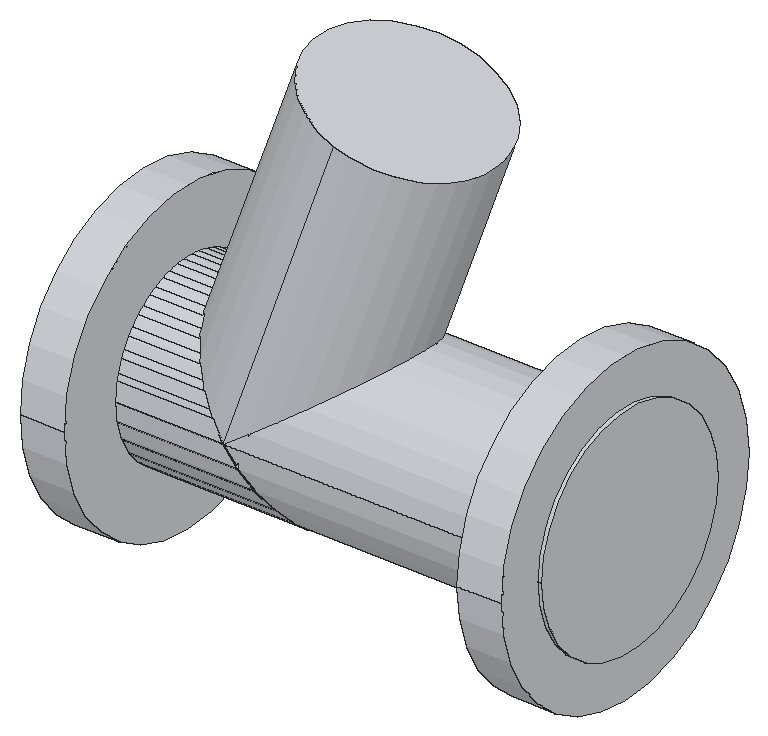
Revit family "447-DN100-RFA_2018", category Pipe Accessories, Revit 2018
Family settings
  Round Connector Dimension = Use Diameter
  Part Type = Valve - Breaks Into
  Work Plane-Based = No
  Always vertical = Yes
  Cut with Voids When Loaded = No
  Shared = No
Parameters (values of type "447-DN100")
  magiProductId = "98b46d48787042dd9a812fc0797c69"
  magiProductFamilyId = "b72cb932c1b3471491e3d369876ba1"
  magiPartTypeId = 304
  isMeasuringValve [instance] = no
  ang2D [instance] = 0.00°
  X2 = 79.261 mm
  X1 = 49 mm
  W2D = 100 mm
  VersionID = "2.0/2017.9.26.1/ZETKAMA_447_001"
  Use Minimum Symbol Size [instance] = yes
  URL = "http://www.hydronix.cz"
  Type Comments = "přírubový; PN16; -10~+120°C"
  S = 156 mm
  QmdConnectorList = "301;D;302;D"
  Productdata [instance] = ""
  Manufacturer = "Hydronix"
  MC Product Code = "447 100 (DN100; PN16 kvs184,7)"
  MC Piping Given Pressure Drop [instance] = 0.0 Pa
  LM1 = 28 mm
  LM = 280 mm
  L2D_Min = 3048 mm
  L2D = 350 mm
  L2 = 175 mm
  HH1 = 217.769 mm
  FD = 220 mm
  Description = "Ruční vyvažovací ventil přírubový; DN100; PN16; kvs184,7"
  DT = 130 mm
  D = 100 mm
  CC = 3.5 mm
  CAT0 = yes
  C1 = 31.5 mm
  C = 35 mm
Types (10, lengths in mm): name | magiProductId | X2 | X1 | S | MC Product Code | LM1 | LM | L2 | HH1 | FD | Description | DT | D | CC | C1 | C
  447-DN100 | "98b46d48787042dd9a812fc0797c69" | 79.261 | 49 | 156 | "447 100 (DN100; PN16 kvs184,7)" | 28 | 280 | 175 | 217.769 | 220 | "Ruční vyvažovací ventil přírubový; DN100; PN16; kvs184,7" | 130 | 100 | 3.5 | 31.5 | 35
  447-DN125 | "02b47ccb17f74d08923d86f3fe118e" | 86.541 | 56 | 184 | "447 125 (DN125; PN16 kvs285,1)" | 32 | 320 | 200 | 237.769 | 250 | "Ruční vyvažovací ventil přírubový; DN125; PN16; kvs285,1" | 130 | 125 | 4 | 36 | 40
  447-DN150 | "7f7b5672e2b748ca8839732ddacd1d" | 95.64 | 67.2 | 211 | "447 150 (DN150; PN16 kvs390,2)" | 38.4 | 384 | 240 | 262.769 | 285 | "Ruční vyvažovací ventil přírubový; DN150; PN16; kvs390,2" | 130 | 150 | 4.8 | 43.2 | 48
  447-DN200 | "e1019e6fc9b647ceac6d31797e2f53" | 155.411 | 84 | 266 | "447 200 (DN200; PN16 kvs710)" | 48 | 480 | 300 | 426.987 | 340 | "Ruční vyvažovací ventil přírubový; DN200; PN16; kvs710" | 310 | 200 | 6 | 54 | 60
  447-DN250 | "a0eac83e29f84220b7ba68901aa49e" | 171.789 | 102.2 | 319 | "447 250 (DN250; PN16 kvs1188)" | 58.4 | 584 | 365 | 471.987 | 405 | "Ruční vyvažovací ventil přírubový; DN250; PN16; kvs1188" | 310 | 250 | 7.3 | 65.7 | 73
  447-DN300 | "476300b2e87f4f20bd49d272c44436" | 175.429 | 119 | 370 | "447 300 (DN300; PN16 kvs1504)" | 68 | 680 | 425 | 481.987 | 460 | "Ruční vyvažovací ventil přírubový; DN300; PN16; kvs1504" | 310 | 300 | 8.5 | 76.5 | 85
  447-DN040 | "1b02107dafeb4f5588628c478854c2" | 42.71 | 28 | 84 | "447 040 (DN40; PN16 kvs22,36)" | 16 | 160 | 100 | 117.345 | 150 | "Ruční vyvažovací ventil přírubový; DN40; PN16; kvs22,36" | 74 | 40 | 2 | 18 | 20
  447-DN050 | "5ed7087ff739473a8b86e2dbbe5062" | 42.71 | 32.2 | 99 | "447 050 (DN50; PN16 kvs32,15)" | 18.4 | 184 | 115 | 117.345 | 165 | "Ruční vyvažovací ventil přírubový; DN50; PN16; kvs32,15" | 74 | 50 | 2.3 | 20.7 | 23
  447-DN065 | "bd77367604f142d88050bf73c88c7b" | 71.982 | 40.6 | 118 | "447 065 (DN65; PN16 kvs88,8)" | 23.2 | 232 | 145 | 197.769 | 185 | "Ruční vyvažovací ventil přírubový; DN65; PN16; kvs88,8" | 130 | 65 | 2.9 | 26.1 | 29
  447-DN080 | "7399fcf493614c92ad9035a8ac3adf" | 71.982 | 43.4 | 132 | "447 080 (DN80; PN16 kvs113,4)" | 24.8 | 248 | 155 | 197.769 | 200 | "Ruční vyvažovací ventil přírubový; DN80; PN16; kvs113,4" | 130 | 80 | 3.1 | 27.9 | 31
Reference planes
  plane 1 "Center (Front/Back)": y = 0
  plane 2 "XYPLANE": z = 0
  plane 3 "Center (Left/Right)": x = 0
  plane 4 "110": x = 16.261
  plane 5 "109": z = 217.769
  plane 6 "108": x = -63
  plane 7 "107": x = 171.5
  plane 8 "106": x = -171.5
  plane 9 "105": z = 0
  plane 10 "104": y = 0
  plane 11 "103": x = -175
  plane 12 "102": x = 175
  plane 13 "100": x = -140
  plane 14 "99": x = 140
  plane 15 "98": x = -112
Forms (mm)
  Extrusion 1, solid, visible <- "CAT0"
    sketch origin (-140, -750, 0) x (0, 1, 0) y (0, 0, 1)
      loop
        circle (750, 0) r 65
    from 0 to 280 <- "LM"
  Sweep 2, solid, visible <- "CAT0"
    path origin (750, 0, 0) x (-1, 0, 0) y (0, 0, 1)
      loop
        line (890, 0) -> (813, 0) -> (733.739, 217.769)
    profile origin (-140, 0, 0) x (0, 0, -1) y (0, 1, 0)
      loop
        circle (0, 0) r 65
  Extrusion 3, solid
    sketch origin (171.5, -750, 0) x (0, 1, 0) y (0, 0, 1)
      loop
        circle (750, 0) r 78
    from 0 to 3.5 <- "CC"
  Extrusion 4, solid
    sketch origin (140, -750, 0) x (0, 1, 0) y (0, 0, 1)
      loop
        circle (750, 0) r 110
    from 0 to 31.5 <- "C1"
  Extrusion 5, solid
    sketch origin (-171.5, -750, 0) x (0, 1, 0) y (0, 0, 1)
      loop
        circle (750, 0) r 110
    from 0 to 31.5 <- "C1"
  Extrusion 6, solid
    sketch origin (-175, -750, 0) x (0, 1, 0) y (0, 0, 1)
      loop
        circle (750, 0) r 78
    from 0 to 3.5 <- "CC"
  Extrusion 7, solid, not visible
    sketch origin (-175, -750, 0) x (0, 1, 0) y (0, 0, 1)
      loop
        circle (750, 0) r 10
    from 0 to 10
  Extrusion 8, solid, not visible
    sketch origin (175, -750, 0) x (0, 1, 0) y (0, 0, 1)
      loop
        circle (750, 0) r 10
    from 0 to -10
Lines and regions (mm)
  reference lines, not visible
    curve 1: circle (2, 2, 0) r 1 normal (0, 0, 1)
Dimensions and locks
  plane 1 "Center (Front/Back)" to curve 1 = 2 mm
  "X2": plane 6 "108" to plane 4 "110"
  "HH1": plane 2 "XYPLANE" to plane 5 "109"
  "X1": plane 15 "98" to plane 6 "108"
  "C1": plane 14 "99" to plane 7 "107"
  "CC": plane 11 "103" to plane 8 "106"
  locked: plane 2 "XYPLANE" to plane 9 "105"
  locked: plane 1 "Center (Front/Back)" to plane 10 "104"
  "L2": plane 3 "Center (Left/Right)" to plane 11 "103"
  "L2": plane 3 "Center (Left/Right)" to plane 12 "102"
  "C": plane 11 "103" to plane 13 "100"
  "LM": plane 13 "100" to plane 14 "99"
  "LM1": plane 13 "100" to plane 15 "98"
  Sweep 2 sketch curve to Sweep 2 sketch curve = 0 mm  (x2)
  "DT": diameter of Extrusion 1 sketch curve
  "DT": diameter of Sweep 2 sketch curve
  "S": diameter of Extrusion 3 sketch curve
  "FD": diameter of Extrusion 4 sketch curve
  "FD": diameter of Extrusion 5 sketch curve
  "S": diameter of Extrusion 6 sketch curve
  aligned and locked: level to plane 2 "XYPLANE"
  aligned and locked: plane 9 "105" to Extrusion 1 sketch curve
  aligned and locked: Extrusion 1 sketch curve to plane 10 "104"
  aligned and locked: plane 9 "105" to Sweep 2 sketch curve  (x3)
  aligned and locked: Sweep 2 sketch curve to plane 10 "104"
  aligned and locked: plane 13 "100" to Sweep 2 sketch curve
  aligned and locked: plane 6 "108" to Sweep 2 sketch curve
  aligned and locked: plane 4 "110" to Sweep 2 sketch curve
  aligned and locked: plane 5 "109" to Sweep 2 sketch curve
  aligned and locked: plane 9 "105" to Extrusion 3 sketch curve
  aligned and locked: Extrusion 3 sketch curve to plane 10 "104"
  aligned and locked: plane 9 "105" to Extrusion 4 sketch curve
  aligned and locked: Extrusion 4 sketch curve to plane 10 "104"
  aligned and locked: plane 9 "105" to Extrusion 5 sketch curve
  aligned and locked: Extrusion 5 sketch curve to plane 10 "104"
  aligned and locked: plane 9 "105" to Extrusion 6 sketch curve
  aligned and locked: Extrusion 6 sketch curve to plane 10 "104"
  aligned and locked: plane 9 "105" to Extrusion 7 sketch curve
  aligned and locked: Extrusion 7 sketch curve to plane 10 "104"
  aligned and locked: plane 9 "105" to Extrusion 8 sketch curve
  aligned and locked: Extrusion 8 sketch curve to plane 10 "104"
Automatic sketch dimensions
  plane 1 "Center (Front/Back)" to Extrusion 7 sketch curve = 10 mm
  plane 1 "Center (Front/Back)" to Extrusion 8 sketch curve = 10 mm
  plane 3 "Center (Left/Right)" to curve 1 = 2 mm
  radius of curve 1 = 1 mm
Connectors
  piping at (-175, 0, 0), diameter 100, driven by "D"
    settings: on Extrusion 7, index 1, connector inside diameter 609.6 mm, connector length 0 mm, flow factor 0, pipe flow 0.0 L/s, pressure drop 0.0 Pa, fitting loss kfactor 0, connector angle 0.00°, fixture units 0, engagement length 0 mm, angle of deflection 0.00°, flow configuration 0, flow direction 0, fitting loss method 0, system type 29, joint type 0, gender type 0, connector reference index 2, connector utility 0, adjustable connector no, is connector primary yes, connector description ""
  piping at (175, 0, 0), diameter 100, driven by "D"
    settings: on Extrusion 8, index 2, connector inside diameter 609.6 mm, connector length 0 mm, flow factor 0, pipe flow 0.0 L/s, pressure drop 0.0 Pa, fitting loss kfactor 0, connector angle 0.00°, fixture units 0, engagement length 0 mm, angle of deflection 0.00°, flow configuration 0, flow direction 0, fitting loss method 0, system type 29, joint type 0, gender type 0, connector reference index 1, connector utility 0, adjustable connector no, is connector primary no, connector description ""
